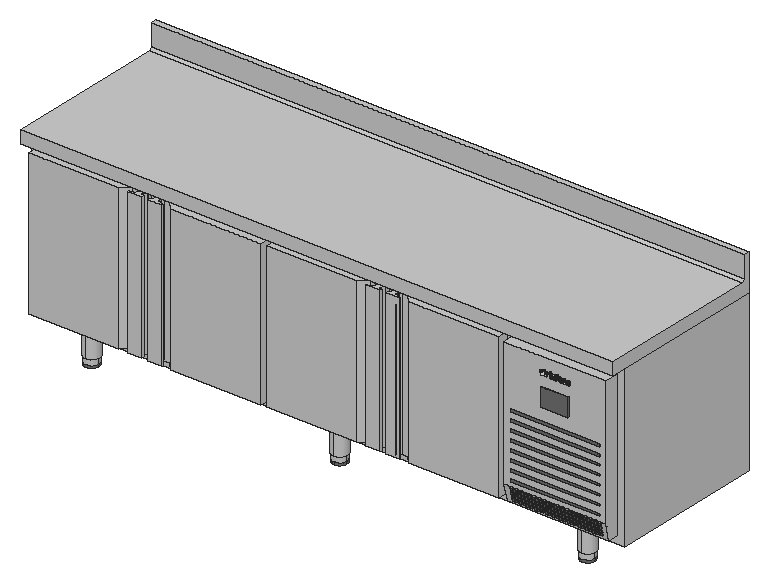
Revit family "QF_INFRICO_BMGN2450II_250808025528", category Specialty Equipment, Revit 2021
Family settings
  Round Connector Dimension = Use Diameter
  Part Type = Normal
  OmniClass Number = 23.40.40.14
  OmniClass Title = Food Service Equipment
  Work Plane-Based = No
  Always vertical = Yes
  Cut with Voids When Loaded = No
  Shared = No
  Room Calculation Point = No
Parameters (values of type "BMGN2450II-R290")
  Weight [instance] = 200.00 kg
  Waste Water Discharge Temperature [instance] = 0 °C
  Waste Remarks [instance] = ""
  Warranty Start Date [instance] = ""
  Warranty Duration [instance] = ""
  Volts [instance] = 230 V
  Volt Free Conn [instance] = no
  URL Recommended Spares List [instance] = ""
  URL Manufacturer [instance] = ""
  URL Cutsheet [instance] = ""
  URL Critical Spares List [instance] = ""
  URL = "www.infrico.com"
  Technical Documentation [instance] = ""
  Tag Number [instance] = ""
  Status [instance] = ""
  Start Up Current [instance] = 0 A
  Specification by User [instance] = ""
  Specification by Manufacturer [instance] = ""
  Sound Level [instance] = ""
  Show Logo [instance] = yes
  Show Clearances [instance] = yes
  Service Life Duration [instance] = ""
  Serial Number [instance] = ""
  Seismic Rating [instance] = ""
  SMACNA No [instance] = ""
  Revision Code [instance] = ""
  Revision [instance] = ""
  Production Year [instance] = ""
  Potential Equalisation [instance] = no
  Point Load [instance] = 0
  Plumbing Connection Type [instance] = ""
  Phase [instance] = 1
  Other Equipment Approvals [instance] = ""
  Operational Current [instance] = 0 A
  Number of Poles [instance] = 2
  No Load Power Draw [instance] = no
  NAFEM Spec ID Number [instance] = ""
  Model Warning [instance] = ""
  Model = "BMGN2450II"
  Min Ckt Ampacity [instance] = 0 A
  Max Overcurrent Protection [instance] = 0 A
  Masterspec [instance] = ""
  Manufacturer = "INFRICO"
  Main switch integrated [instance] = no
  Length Actual [instance] = 2452 mm
  Item Number [instance] = ""
  Installed By [instance] = ""
  Installation Date [instance] = ""
  Indirect Waste Size [instance] = 19.05 mm
  Indirect Waste Remarks [instance] = ""
  Indirect Waste Flow [instance] = 0.0 L/s
  Indirect Waste Connection Type [instance] = ""
  Indirect Waste Connection Height [instance] = 0 mm
  Identify Quantity as Lot [instance] = no
  ID [instance] = ""
  Hygiene Approval [instance] = ""
  Height Actual [instance] = 850 mm
  HP power [instance] = ""
  Furnished By [instance] = ""
  Foodservice Equipment Identifier [instance] = no
  FL Amps [instance] = 0 A
  Electrical Remarks [instance] = ""
  Electric power [instance] = 370 W
  Electric Connection Type [instance] = ""
  Elec Conn RI Height [instance] = 0 mm
  Elec Conn Connection Height [instance] = 0 mm
  ETL Approved [instance] = no
  Direct Waste Water Discharge Temperature [instance] = -273.15 °C
  Direct Waste Size [instance] = 19.05 mm
  Direct Waste RI Height [instance] = 0 mm
  Direct Waste Flow [instance] = 0.0 L/s
  Direct Waste Connection Height [instance] = 0 mm
  Description = "GN1/1 UNDERCOUNTER REFRIGERATOR 700 SERIES - R290 "
  Depth Actual [instance] = 700 mm
  Default Elevation = 0 mm
  Cycle [instance] = 50 Hz
  Cost = 0
  Connection to energy optimisation system [instance] = yes
  Conn Plug [instance] = ""
  Conn Conduit [instance] = no
  Centralized building control system with digital interface [instance] = ""
  CSI MasterFormat [instance] = ""
  CE Approved [instance] = no
  Barcode [instance] = 0
  Author [instance] = ""
  Asset Identifier [instance] = ""
  Apparent Power [instance] = 370 VA
  Accessory [instance] = no
Reference planes
  plane 1 "Center (Front/Back)": y = 0
  plane 2: z = 0
  plane 3 "Center (Left/Right)": x = 0
Forms (mm)
  Extrusion 1, solid, not visible
    sketch origin (1033.05, -112.005, 142.007) x (1, 0, 0) y (0, 1, 0)
      loop
        line (-2, 2) -> (-2, -2) -> (2, -2) -> (2, 2) -> (-2, 2)
    from -2 to 2
  Extrusion 2, solid, not visible
    sketch origin (2390.617, -61.503, 142.007) x (1, 0, 0) y (0, 1, 0)
      loop
        line (-2, 2) -> (-2, -2) -> (2, -2) -> (2, 2) -> (-2, 2)
    from -2 to 2
Dimensions and locks
  locked: nested 2 to Extrusion 1 at 2  (x2)
  locked: nested 3 to Extrusion 2 at 2  (x2)
  aligned and locked: level to plane 2
Nested families
  nested 1: "QF_INFRICO_BMGN2450_2920" at (0, 0, 140), type "BMGN2450II-R290"
    with Weight 200.00 kg, Warranty Start Date "", Warranty Duration "", URL Cutsheet "", Technical Documentation "", Tag Number "", Status "", Specification by User "", Specification by Manufacturer "", Sound Level "", Solid Fuel Type "", Show Logo yes, Show Clearances yes, Show Clearance yes, Service Life Duration "", Serial Number "", Seismic Rating "", SMACNA No "", Revision Code "", Revision "", Production Year "", Point Load 0, Other Equipment Approvals "", NAFEM Spec ID Number "", Model Warning "", Masterspec "", Length Actual 2452 mm, Item Number "", Installed By "", Installation Date "", Identify Quantity as Lot yes, ID "", Hygiene Approval "", Height Actual 850 mm, Furnished By "", Foodservice Equipment Identifier yes, ETL Approved yes, Depth Actual 700 mm, CSI MasterFormat "", CE Approved no, Barcode "", Author "", Asset Identifier "", Accessory no
  nested 2: "CONN_POINT_DRAIN_2D___Generic_Annotation" at (1033.05, -112.005, 140.007), type "CONN_POINT_DRAIN_2D___Generic_Annotation"
    with Onboard connection annotation symbol visibility yes
  nested 3: "CONN_POINT_ELE_2D___Generic_Annotation" at (2390.617, -61.503, 140.007), type "CONN_POINT_ELE_2D___Generic_Annotation"
    with Onboard connection annotation symbol visibility yes
  nested 4: "QF_INFRICO_BMGN_DOOR_SX_4860" at (22, -638, 168), type "BMGN_DOOR_SX"
    with Weight 0.00 kg, Warranty Start Date "", Warranty Duration "", URL Cutsheet "", Technical Documentation "", Tag Number "", Status "", Specification by User "", Specification by Manufacturer "", Sound Level "", Solid Fuel Type "", Show Logo yes, Show Clearances yes, Show Clearance yes, Service Life Duration "", Serial Number "", Seismic Rating "", SMACNA No "", Revision Code "", Revision "", Production Year "", Point Load 0, Other Equipment Approvals "", NAFEM Spec ID Number "", Model Warning "", Masterspec "", Length Actual 467 mm, Item Number "", Installed By "", Installation Date "", Identify Quantity as Lot yes, ID "", Hygiene Approval "", Height Actual 597 mm, Furnished By "", Foodservice Equipment Identifier yes, ETL Approved yes, Depth Actual 54 mm, CSI MasterFormat "", CE Approved no, Barcode "", Author "", Asset Identifier "", Accessory yes
  nested 5: "QF_INFRICO_BMGN_DOOR_DX_5641" at (514, -638, 168), type "BMGN_DOOR_DX"
    with Weight 0.00 kg, Warranty Start Date "", Warranty Duration "", URL Cutsheet "", Technical Documentation "", Tag Number "", Status "", Specification by User "", Specification by Manufacturer "", Sound Level "", Solid Fuel Type "", Show Logo yes, Show Clearances yes, Show Clearance yes, Service Life Duration "", Serial Number "", Seismic Rating "", SMACNA No "", Revision Code "", Revision "", Production Year "", Point Load 0, Other Equipment Approvals "", NAFEM Spec ID Number "", Model Warning "", Masterspec "", Length Actual 467 mm, Item Number "", Installed By "", Installation Date "", Identify Quantity as Lot yes, ID "", Hygiene Approval "", Height Actual 597 mm, Furnished By "", Foodservice Equipment Identifier yes, ETL Approved yes, Depth Actual 54 mm, CSI MasterFormat "", CE Approved no, Barcode "", Author "", Asset Identifier "", Accessory yes
  nested 6: "QF_INFRICO_BMGN_DOOR_SX_6418" at (1006, -638, 168), type "BMGN_DOOR_SX"
    with Weight 0.00 kg, Warranty Start Date "", Warranty Duration "", URL Cutsheet "", Technical Documentation "", Tag Number "", Status "", Specification by User "", Specification by Manufacturer "", Sound Level "", Solid Fuel Type "", Show Logo yes, Show Clearances yes, Show Clearance yes, Service Life Duration "", Serial Number "", Seismic Rating "", SMACNA No "", Revision Code "", Revision "", Production Year "", Point Load 0, Other Equipment Approvals "", NAFEM Spec ID Number "", Model Warning "", Masterspec "", Length Actual 467 mm, Item Number "", Installed By "", Installation Date "", Identify Quantity as Lot yes, ID "", Hygiene Approval "", Height Actual 597 mm, Furnished By "", Foodservice Equipment Identifier yes, ETL Approved yes, Depth Actual 54 mm, CSI MasterFormat "", CE Approved no, Barcode "", Author "", Asset Identifier "", Accessory yes
  nested 7: "QF_INFRICO_BMGN_DOOR_DX_7195" at (1498, -638, 168), type "BMGN_DOOR_DX"
    with Weight 0.00 kg, Warranty Start Date "", Warranty Duration "", URL Cutsheet "", Technical Documentation "", Tag Number "", Status "", Specification by User "", Specification by Manufacturer "", Sound Level "", Solid Fuel Type "", Show Logo yes, Show Clearances yes, Show Clearance yes, Service Life Duration "", Serial Number "", Seismic Rating "", SMACNA No "", Revision Code "", Revision "", Production Year "", Point Load 0, Other Equipment Approvals "", NAFEM Spec ID Number "", Model Warning "", Masterspec "", Length Actual 467 mm, Item Number "", Installed By "", Installation Date "", Identify Quantity as Lot yes, ID "", Hygiene Approval "", Height Actual 597 mm, Furnished By "", Foodservice Equipment Identifier yes, ETL Approved yes, Depth Actual 54 mm, CSI MasterFormat "", CE Approved no, Barcode "", Author "", Asset Identifier "", Accessory yes
  nested 8: "QF_INFRICO_WORKTOP_BACKSPLASH_7972" at (0, 0, 800), type "ENC12CPGN24"
    with Weight 0.00 kg, Warranty Start Date "", Warranty Duration "", URL Cutsheet "", Technical Documentation "", Tag Number "", Status "", Specification by User "", Specification by Manufacturer "", Sound Level "", Solid Fuel Type "", Show Logo yes, Show Clearances yes, Show Clearance yes, Service Life Duration "", Serial Number "", Seismic Rating "", SMACNA No "", Revision Code "", Revision "", Production Year "", Point Load 0, Other Equipment Approvals "", NAFEM Spec ID Number "", Model Warning "", Masterspec "", Length Actual 2452 mm, Item Number "", Installed By "", Installation Date "", Identify Quantity as Lot yes, ID "", Hygiene Approval "", Height Actual 150 mm, Furnished By "", Foodservice Equipment Identifier yes, ETL Approved yes, Depth Actual 700 mm, CSI MasterFormat "", CE Approved no, Barcode "", Author "", Asset Identifier "", Accessory yes
  nested 9: "QF_INFRICO_LEGS_8808" at (0, 0, 0), type "LEGS_2450_700"
    with Weight 0.00 kg, Warranty Start Date "", Warranty Duration "", URL Cutsheet "", Technical Documentation "", Tag Number "", Status "", Specification by User "", Specification by Manufacturer "", Sound Level "", Solid Fuel Type "", Show Logo yes, Show Clearances yes, Show Clearance yes, Service Life Duration "", Serial Number "", Seismic Rating "", SMACNA No "", Revision Code "", Revision "", Production Year "", Point Load 0, Other Equipment Approvals "", NAFEM Spec ID Number "", Model Warning "", Masterspec "", Length Actual 2452 mm, Item Number "", Installed By "", Installation Date "", Identify Quantity as Lot yes, ID "", Hygiene Approval "", Height Actual 140 mm, Furnished By "", Foodservice Equipment Identifier yes, ETL Approved yes, Depth Actual 700 mm, CSI MasterFormat "", CE Approved no, Barcode "", Author "", Asset Identifier "", Accessory yes
Connectors
  piping at (1033.05, -112.005, 140.007), diameter 19.05, driven by "Indirect Waste Size", driven by "Direct Waste Flow"
    settings: on Extrusion 1, index 1, connector inside diameter 609.6 mm, connector length 0 mm, flow factor 0, pipe flow 0.0 L/s, pressure drop 0.0 Pa, fitting loss kfactor 0, connector angle 0.00°, fixture units 0, engagement length 0 mm, angle of deflection 0.00°, flow configuration 1, flow direction 2, fitting loss method 0, system type 16, joint type 0, gender type 0, connector reference index -1, connector utility 0, adjustable connector no, is connector primary yes, connector description "Waste connection for BMGN2450II"
  electrical at (2390.617, -61.503, 140.007), driven by "Apparent Power", driven by "Number of Poles", driven by "Volts"
    settings: on Extrusion 2, index 2, voltage 230 V, apparent load 0 VA, apparent load phase1 370 VA, apparent load phase2 0 VA, apparent load phase3 0 VA, power factor 1, load classification "Other", number of poles 2, system type 31, power factor state 1, is connector primary yes, connector utility no, sub classification motor no, connector description "Electrical connection for BMGN2450II"
Definition of nested family "QF_INFRICO_BMGN2450_2920"
  Parameters (values of type "BMGN2450CR-R290")
    Weight [instance] = 0.00 kg
    Warranty Start Date [instance] = ""
    Warranty Duration [instance] = ""
    URL Cutsheet [instance] = ""
    URL = "www.infrico.com"
    Technical Documentation [instance] = ""
    Tag Number [instance] = ""
    Status [instance] = ""
    Specification by User [instance] = ""
    Specification by Manufacturer [instance] = ""
    Sound Level [instance] = ""
    Solid Fuel Type [instance] = ""
    Show Logo [instance] = yes
    Show Clearances [instance] = yes
    Show Clearance [instance] = yes
    Service Life Duration [instance] = ""
    Serial Number [instance] = ""
    Seismic Rating [instance] = ""
    SMACNA No [instance] = ""
    Revision Code [instance] = ""
    Revision [instance] = ""
    Production Year [instance] = ""
    Point Load [instance] = 0
    Other Equipment Approvals [instance] = ""
    NAFEM Spec ID Number [instance] = ""
    Model Warning [instance] = ""
    Model = "BMGN2450CR"
    Masterspec [instance] = ""
    Manufacturer = "INFRICO"
    Length Actual [instance] = 0 mm
    Item Number [instance] = ""
    Installed By [instance] = ""
    Installation Date [instance] = ""
    Identify Quantity as Lot [instance] = yes
    ID [instance] = ""
    Hygiene Approval [instance] = ""
    Height Actual [instance] = 0 mm
    Furnished By [instance] = ""
    Foodservice Equipment Identifier [instance] = yes
    ETL Approved [instance] = yes
    Description = "GN1/1 GLASS DOOR UNDERCOUNTER REFRIGERATOR 700 SERIES - R290"
    Depth Actual [instance] = 0 mm
    Default Elevation = 0 mm
    CSI MasterFormat [instance] = ""
    CE Approved [instance] = yes
    Barcode [instance] = ""
    Author [instance] = ""
    Asset Identifier [instance] = ""
    Assembly Code = "E1090320"
    Accessory [instance] = yes
  Types (7, lengths in mm): name | Model | Description
    BMGN2450II | "BMGN2450II" | "GN1/1 UNDERCOUNTER REFRIGERATOR 700 SERIES - R134A"
    BMGN2450BT | "BMGN2450BT" | "UNDERCOUNTER FREEZER SERIE 700 - R290"
    BMGN2450F | "BMGN2450F" | "GN1/1 SINK UNDERCOUNTER REFRIGERATOR 700 SERIES - R134A"
    BMGN2450CR | "BMGN2450CR" | "GN1/1 GLASS DOOR UNDERCOUNTER REFRIGERATOR 700 SERIES - R134A"
    BMGN2450II-R290 | "BMGN2450II" | "GN1/1 UNDERCOUNTER REFRIGERATOR 700 SERIES - R290"
    BMGN2450CR-R290 | "BMGN2450CR" | "GN1/1 GLASS DOOR UNDERCOUNTER REFRIGERATOR 700 SERIES - R290"
    BMGN2450F-R290 | "BMGN2450F" | "GN1/1 SINK UNDERCOUNTER REFRIGERATOR 700 SERIES - R290"
  Reference planes
    plane 1 "Back": y = 0
    plane 2: z = 0
    plane 3 "Left": x = 0
    plane 4 "Right": x = 2452
    plane 5 "Front": y = -700
    plane 6 "Top": z = 660
  Forms (mm)
    Extrusion 1, solid
      sketch origin (984, 0, -140) x (0, 1, 0) y (0, 0, 1)
        loop
          line (-638.02, 765.292) -> (-695.03, 765.292) -> (-695.03, 238.436) -> (-678.769, 168) -> (-638.02, 168) -> (-638.02, 765.292)
      from 1013.993 to 1433.993
    Extrusion 2, void
      sketch origin (0, 0, -140) x (1, 0, 0) y (0, 0, 1)
        loop
          line (60, 200) -> (1900, 200) -> (1900, 740) -> (60, 740) -> (60, 200)
      from 60 to 638.02
    Extrusion 3, solid
      sketch origin (-1016, -693.13, -140) x (1, 0, 0) y (0, 0, 1)
        loop
          line (3408.016, 523.949) -> (3040.73, 523.949) -> (3040.73, 514.949) -> (3408.016, 514.949) -> (3408.016, 523.949)
        loop
          line (3408.016, 486.949) -> (3040.73, 486.949) -> (3040.73, 477.949) -> (3408.016, 477.949) -> (3408.016, 486.949)
        loop
          line (3408.016, 449.949) -> (3040.73, 449.949) -> (3040.73, 440.949) -> (3408.016, 440.949) -> (3408.016, 449.949)
        loop
          line (3408.016, 412.949) -> (3040.73, 412.949) -> (3040.73, 403.949) -> (3408.016, 403.949) -> (3408.016, 412.949)
        loop
          line (3408.016, 375.949) -> (3040.73, 375.949) -> (3040.73, 366.949) -> (3408.016, 366.949) -> (3408.016, 375.949)
        loop
          line (3408.016, 338.949) -> (3040.73, 338.949) -> (3040.73, 329.949) -> (3408.016, 329.949) -> (3408.016, 338.949)
        loop
          line (3408.016, 301.949) -> (3040.73, 301.949) -> (3040.73, 292.949) -> (3408.016, 292.949) -> (3408.016, 301.949)
        loop
          line (3408.016, 264.949) -> (3040.73, 264.949) -> (3040.73, 255.949) -> (3408.016, 255.949) -> (3408.016, 264.949)
      from 0 to 2
    Extrusion 4, solid
      sketch origin (-1016, -639.263, -134.673) x (1, 0, 0) y (0, -0.224951, 0.97437)
        loop
          line (3036.73, 215.974) -> (3036.73, 205.974) -> (3046.73, 205.974) -> (3046.73, 215.974) -> (3036.73, 215.974)
        loop
          line (3036.73, 230.769) -> (3036.73, 220.769) -> (3046.73, 220.769) -> (3046.73, 230.769) -> (3036.73, 230.769)
        loop
          line (3036.73, 186.385) -> (3036.73, 176.385) -> (3046.73, 176.385) -> (3046.73, 186.385) -> (3036.73, 186.385)
        loop
          line (3036.73, 201.179) -> (3036.73, 191.179) -> (3046.73, 191.179) -> (3046.73, 201.179) -> (3036.73, 201.179)
        loop
          line (3051.938, 215.974) -> (3051.938, 205.974) -> (3061.938, 205.974) -> (3061.938, 215.974) -> (3051.938, 215.974)
        loop
          line (3051.938, 230.769) -> (3051.938, 220.769) -> (3061.938, 220.769) -> (3061.938, 230.769) -> (3051.938, 230.769)
        loop
          line (3051.938, 186.385) -> (3051.938, 176.385) -> (3061.938, 176.385) -> (3061.938, 186.385) -> (3051.938, 186.385)
        loop
          line (3051.938, 201.179) -> (3051.938, 191.179) -> (3061.938, 191.179) -> (3061.938, 201.179) -> (3051.938, 201.179)
        loop
          line (3067.147, 215.974) -> (3067.147, 205.974) -> (3077.147, 205.974) -> (3077.147, 215.974) -> (3067.147, 215.974)
        loop
          line (3067.147, 230.769) -> (3067.147, 220.769) -> (3077.147, 220.769) -> (3077.147, 230.769) -> (3067.147, 230.769)
        loop
          line (3067.147, 186.385) -> (3067.147, 176.385) -> (3077.147, 176.385) -> (3077.147, 186.385) -> (3067.147, 186.385)
        loop
          line (3067.147, 201.179) -> (3067.147, 191.179) -> (3077.147, 191.179) -> (3077.147, 201.179) -> (3067.147, 201.179)
        loop
          line (3082.355, 215.974) -> (3082.355, 205.974) -> (3092.355, 205.974) -> (3092.355, 215.974) -> (3082.355, 215.974)
        loop
          line (3082.355, 230.769) -> (3082.355, 220.769) -> (3092.355, 220.769) -> (3092.355, 230.769) -> (3082.355, 230.769)
        loop
          line (3082.355, 186.385) -> (3082.355, 176.385) -> (3092.355, 176.385) -> (3092.355, 186.385) -> (3082.355, 186.385)
        loop
          line (3082.355, 201.179) -> (3082.355, 191.179) -> (3092.355, 191.179) -> (3092.355, 201.179) -> (3082.355, 201.179)
        loop
          line (3097.563, 215.974) -> (3097.563, 205.974) -> (3107.563, 205.974) -> (3107.563, 215.974) -> (3097.563, 215.974)
        loop
          line (3097.563, 230.769) -> (3097.563, 220.769) -> (3107.563, 220.769) -> (3107.563, 230.769) -> (3097.563, 230.769)
        loop
          line (3097.563, 186.385) -> (3097.563, 176.385) -> (3107.563, 176.385) -> (3107.563, 186.385) -> (3097.563, 186.385)
        loop
          line (3097.563, 201.179) -> (3097.563, 191.179) -> (3107.563, 191.179) -> (3107.563, 201.179) -> (3097.563, 201.179)
        loop
          line (3112.772, 215.974) -> (3112.772, 205.974) -> (3122.772, 205.974) -> (3122.772, 215.974) -> (3112.772, 215.974)
        loop
          line (3112.772, 230.769) -> (3112.772, 220.769) -> (3122.772, 220.769) -> (3122.772, 230.769) -> (3112.772, 230.769)
        loop
          line (3112.772, 186.385) -> (3112.772, 176.385) -> (3122.772, 176.385) -> (3122.772, 186.385) -> (3112.772, 186.385)
        loop
          line (3112.772, 201.179) -> (3112.772, 191.179) -> (3122.772, 191.179) -> (3122.772, 201.179) -> (3112.772, 201.179)
        loop
          line (3127.98, 215.974) -> (3127.98, 205.974) -> (3137.98, 205.974) -> (3137.98, 215.974) -> (3127.98, 215.974)
        loop
          line (3127.98, 230.769) -> (3127.98, 220.769) -> (3137.98, 220.769) -> (3137.98, 230.769) -> (3127.98, 230.769)
        loop
          line (3127.98, 186.385) -> (3127.98, 176.385) -> (3137.98, 176.385) -> (3137.98, 186.385) -> (3127.98, 186.385)
        loop
          line (3127.98, 201.179) -> (3127.98, 191.179) -> (3137.98, 191.179) -> (3137.98, 201.179) -> (3127.98, 201.179)
        loop
          line (3143.188, 215.974) -> (3143.188, 205.974) -> (3153.188, 205.974) -> (3153.188, 215.974) -> (3143.188, 215.974)
        loop
          line (3143.188, 230.769) -> (3143.188, 220.769) -> (3153.188, 220.769) -> (3153.188, 230.769) -> (3143.188, 230.769)
        loop
          line (3143.188, 186.385) -> (3143.188, 176.385) -> (3153.188, 176.385) -> (3153.188, 186.385) -> (3143.188, 186.385)
        loop
          line (3143.188, 201.179) -> (3143.188, 191.179) -> (3153.188, 191.179) -> (3153.188, 201.179) -> (3143.188, 201.179)
        loop
          line (3158.397, 215.974) -> (3158.397, 205.974) -> (3168.397, 205.974) -> (3168.397, 215.974) -> (3158.397, 215.974)
        loop
          line (3158.397, 230.769) -> (3158.397, 220.769) -> (3168.397, 220.769) -> (3168.397, 230.769) -> (3158.397, 230.769)
        loop
          line (3158.397, 186.385) -> (3158.397, 176.385) -> (3168.397, 176.385) -> (3168.397, 186.385) -> (3158.397, 186.385)
        loop
          line (3158.397, 201.179) -> (3158.397, 191.179) -> (3168.397, 191.179) -> (3168.397, 201.179) -> (3158.397, 201.179)
        loop
          line (3173.605, 215.974) -> (3173.605, 205.974) -> (3183.605, 205.974) -> (3183.605, 215.974) -> (3173.605, 215.974)
        loop
          line (3173.605, 230.769) -> (3173.605, 220.769) -> (3183.605, 220.769) -> (3183.605, 230.769) -> (3173.605, 230.769)
        loop
          line (3173.605, 186.385) -> (3173.605, 176.385) -> (3183.605, 176.385) -> (3183.605, 186.385) -> (3173.605, 186.385)
        loop
          line (3173.605, 201.179) -> (3173.605, 191.179) -> (3183.605, 191.179) -> (3183.605, 201.179) -> (3173.605, 201.179)
        loop
          line (3188.813, 215.974) -> (3188.813, 205.974) -> (3198.813, 205.974) -> (3198.813, 215.974) -> (3188.813, 215.974)
        loop
          line (3188.813, 230.769) -> (3188.813, 220.769) -> (3198.813, 220.769) -> (3198.813, 230.769) -> (3188.813, 230.769)
        loop
          line (3188.813, 186.385) -> (3188.813, 176.385) -> (3198.813, 176.385) -> (3198.813, 186.385) -> (3188.813, 186.385)
        loop
          line (3188.813, 201.179) -> (3188.813, 191.179) -> (3198.813, 191.179) -> (3198.813, 201.179) -> (3188.813, 201.179)
        loop
          line (3204.022, 215.974) -> (3204.022, 205.974) -> (3214.022, 205.974) -> (3214.022, 215.974) -> (3204.022, 215.974)
        loop
          line (3204.022, 230.769) -> (3204.022, 220.769) -> (3214.022, 220.769) -> (3214.022, 230.769) -> (3204.022, 230.769)
        loop
          line (3204.022, 186.385) -> (3204.022, 176.385) -> (3214.022, 176.385) -> (3214.022, 186.385) -> (3204.022, 186.385)
        loop
          line (3204.022, 201.179) -> (3204.022, 191.179) -> (3214.022, 191.179) -> (3214.022, 201.179) -> (3204.022, 201.179)
        loop
          line (3219.23, 215.974) -> (3219.23, 205.974) -> (3229.23, 205.974) -> (3229.23, 215.974) -> (3219.23, 215.974)
        loop
          line (3219.23, 230.769) -> (3219.23, 220.769) -> (3229.23, 220.769) -> (3229.23, 230.769) -> (3219.23, 230.769)
        loop
          line (3219.23, 186.385) -> (3219.23, 176.385) -> (3229.23, 176.385) -> (3229.23, 186.385) -> (3219.23, 186.385)
        loop
          line (3219.23, 201.179) -> (3219.23, 191.179) -> (3229.23, 191.179) -> (3229.23, 201.179) -> (3219.23, 201.179)
        loop
          line (3234.438, 215.974) -> (3234.438, 205.974) -> (3244.438, 205.974) -> (3244.438, 215.974) -> (3234.438, 215.974)
        loop
          line (3234.438, 230.769) -> (3234.438, 220.769) -> (3244.438, 220.769) -> (3244.438, 230.769) -> (3234.438, 230.769)
        loop
          line (3234.438, 186.385) -> (3234.438, 176.385) -> (3244.438, 176.385) -> (3244.438, 186.385) -> (3234.438, 186.385)
        loop
          line (3234.438, 201.179) -> (3234.438, 191.179) -> (3244.438, 191.179) -> (3244.438, 201.179) -> (3234.438, 201.179)
        loop
          line (3249.647, 215.974) -> (3249.647, 205.974) -> (3259.647, 205.974) -> (3259.647, 215.974) -> (3249.647, 215.974)
        loop
          line (3249.647, 230.769) -> (3249.647, 220.769) -> (3259.647, 220.769) -> (3259.647, 230.769) -> (3249.647, 230.769)
        loop
          line (3249.647, 186.385) -> (3249.647, 176.385) -> (3259.647, 176.385) -> (3259.647, 186.385) -> (3249.647, 186.385)
        loop
          line (3249.647, 201.179) -> (3249.647, 191.179) -> (3259.647, 191.179) -> (3259.647, 201.179) -> (3249.647, 201.179)
        loop
          line (3264.855, 215.974) -> (3264.855, 205.974) -> (3274.855, 205.974) -> (3274.855, 215.974) -> (3264.855, 215.974)
        loop
          line (3264.855, 230.769) -> (3264.855, 220.769) -> (3274.855, 220.769) -> (3274.855, 230.769) -> (3264.855, 230.769)
        loop
          line (3264.855, 186.385) -> (3264.855, 176.385) -> (3274.855, 176.385) -> (3274.855, 186.385) -> (3264.855, 186.385)
        loop
          line (3264.855, 201.179) -> (3264.855, 191.179) -> (3274.855, 191.179) -> (3274.855, 201.179) -> (3264.855, 201.179)
        loop
          line (3280.063, 215.974) -> (3280.063, 205.974) -> (3290.063, 205.974) -> (3290.063, 215.974) -> (3280.063, 215.974)
        loop
          line (3280.063, 230.769) -> (3280.063, 220.769) -> (3290.063, 220.769) -> (3290.063, 230.769) -> (3280.063, 230.769)
        loop
          line (3280.063, 186.385) -> (3280.063, 176.385) -> (3290.063, 176.385) -> (3290.063, 186.385) -> (3280.063, 186.385)
        loop
          line (3280.063, 201.179) -> (3280.063, 191.179) -> (3290.063, 191.179) -> (3290.063, 201.179) -> (3280.063, 201.179)
        loop
          line (3295.272, 215.974) -> (3295.272, 205.974) -> (3305.272, 205.974) -> (3305.272, 215.974) -> (3295.272, 215.974)
        loop
          line (3295.272, 230.769) -> (3295.272, 220.769) -> (3305.272, 220.769) -> (3305.272, 230.769) -> (3295.272, 230.769)
        loop
          line (3295.272, 186.385) -> (3295.272, 176.385) -> (3305.272, 176.385) -> (3305.272, 186.385) -> (3295.272, 186.385)
        loop
          line (3295.272, 201.179) -> (3295.272, 191.179) -> (3305.272, 191.179) -> (3305.272, 201.179) -> (3295.272, 201.179)
        loop
          line (3310.48, 215.974) -> (3310.48, 205.974) -> (3320.48, 205.974) -> (3320.48, 215.974) -> (3310.48, 215.974)
        loop
          line (3310.48, 230.769) -> (3310.48, 220.769) -> (3320.48, 220.769) -> (3320.48, 230.769) -> (3310.48, 230.769)
        loop
          line (3310.48, 186.385) -> (3310.48, 176.385) -> (3320.48, 176.385) -> (3320.48, 186.385) -> (3310.48, 186.385)
        loop
          line (3310.48, 201.179) -> (3310.48, 191.179) -> (3320.48, 191.179) -> (3320.48, 201.179) -> (3310.48, 201.179)
        loop
          line (3325.688, 215.974) -> (3325.688, 205.974) -> (3335.688, 205.974) -> (3335.688, 215.974) -> (3325.688, 215.974)
        loop
          line (3325.688, 230.769) -> (3325.688, 220.769) -> (3335.688, 220.769) -> (3335.688, 230.769) -> (3325.688, 230.769)
        loop
          line (3325.688, 186.385) -> (3325.688, 176.385) -> (3335.688, 176.385) -> (3335.688, 186.385) -> (3325.688, 186.385)
        loop
          line (3325.688, 201.179) -> (3325.688, 191.179) -> (3335.688, 191.179) -> (3335.688, 201.179) -> (3325.688, 201.179)
        loop
          line (3340.897, 215.974) -> (3340.897, 205.974) -> (3350.897, 205.974) -> (3350.897, 215.974) -> (3340.897, 215.974)
        loop
          line (3340.897, 230.769) -> (3340.897, 220.769) -> (3350.897, 220.769) -> (3350.897, 230.769) -> (3340.897, 230.769)
        loop
          line (3340.897, 186.385) -> (3340.897, 176.385) -> (3350.897, 176.385) -> (3350.897, 186.385) -> (3340.897, 186.385)
        loop
          line (3340.897, 201.179) -> (3340.897, 191.179) -> (3350.897, 191.179) -> (3350.897, 201.179) -> (3340.897, 201.179)
        loop
          line (3356.105, 215.974) -> (3356.105, 205.974) -> (3366.105, 205.974) -> (3366.105, 215.974) -> (3356.105, 215.974)
        loop
          line (3356.105, 230.769) -> (3356.105, 220.769) -> (3366.105, 220.769) -> (3366.105, 230.769) -> (3356.105, 230.769)
        loop
          line (3356.105, 186.385) -> (3356.105, 176.385) -> (3366.105, 176.385) -> (3366.105, 186.385) -> (3356.105, 186.385)
        loop
          line (3356.105, 201.179) -> (3356.105, 191.179) -> (3366.105, 191.179) -> (3366.105, 201.179) -> (3356.105, 201.179)
        loop
          line (3371.313, 215.974) -> (3371.313, 205.974) -> (3381.313, 205.974) -> (3381.313, 215.974) -> (3371.313, 215.974)
        loop
          line (3371.313, 230.769) -> (3371.313, 220.769) -> (3381.313, 220.769) -> (3381.313, 230.769) -> (3371.313, 230.769)
        loop
          line (3371.313, 186.385) -> (3371.313, 176.385) -> (3381.313, 176.385) -> (3381.313, 186.385) -> (3371.313, 186.385)
        loop
          line (3371.313, 201.179) -> (3371.313, 191.179) -> (3381.313, 191.179) -> (3381.313, 201.179) -> (3371.313, 201.179)
        loop
          line (3386.522, 215.974) -> (3386.522, 205.974) -> (3396.522, 205.974) -> (3396.522, 215.974) -> (3386.522, 215.974)
        loop
          line (3386.522, 230.769) -> (3386.522, 220.769) -> (3396.522, 220.769) -> (3396.522, 230.769) -> (3386.522, 230.769)
        loop
          line (3386.522, 186.385) -> (3386.522, 176.385) -> (3396.522, 176.385) -> (3396.522, 186.385) -> (3386.522, 186.385)
        loop
          line (3386.522, 201.179) -> (3386.522, 191.179) -> (3396.522, 191.179) -> (3396.522, 201.179) -> (3386.522, 201.179)
        loop
          line (3401.73, 215.974) -> (3401.73, 205.974) -> (3411.73, 205.974) -> (3411.73, 215.974) -> (3401.73, 215.974)
        loop
          line (3401.73, 230.769) -> (3401.73, 220.769) -> (3411.73, 220.769) -> (3411.73, 230.769) -> (3401.73, 230.769)
        loop
          line (3401.73, 186.385) -> (3401.73, 176.385) -> (3411.73, 176.385) -> (3411.73, 186.385) -> (3401.73, 186.385)
        loop
          line (3401.73, 201.179) -> (3401.73, 191.179) -> (3411.73, 191.179) -> (3411.73, 201.179) -> (3401.73, 201.179)
      from 0 to 2
    Extrusion 5, solid, visible <- "Show Logo"
      sketch origin (983.014, -693.13, -140) x (1, 0, 0) y (0, 0, 1)
        loop
          line (1208.799, 696.53) -> (1208.799, 719.204) -> (1204.173, 719.204) -> (1204.173, 696.53) -> (1208.799, 696.53)
        loop
          line (1214.779, 713.006) -> (1211.283, 713.006) -> (1211.283, 696.53) -> (1215.772, 696.53) -> (1215.772, 707.832)
          arc (1215.772, 707.832) -> (1217.528, 708.741) -> (1219.417, 709.324) r 11.052
          arc (1219.417, 709.324) -> (1220.929, 708.961) -> (1221.598, 707.557) r 1.806
          line (1221.598, 707.557) -> (1221.598, 696.53) -> (1226.121, 696.53) -> (1226.121, 708.689)
          arc (1226.121, 708.689) -> (1224.637, 712.075) -> (1221.141, 713.281) r 4.607
          arc (1221.141, 713.281) -> (1218.282, 712.674) -> (1215.669, 711.361) r 11.435
          line (1215.669, 711.361) -> (1215.601, 712.184)
          arc (1215.601, 712.184) -> (1215.36, 712.765) -> (1214.779, 713.006) r 0.822
        loop
          line (1238.557, 720.102) -> (1237.306, 720.102)
          arc (1237.306, 720.102) -> (1235.052, 719.926) -> (1232.881, 719.297) r 11.103
          arc (1232.881, 719.297) -> (1230.805, 717.616) -> (1230.024, 715.062) r 4.567
          line (1230.024, 715.062) -> (1230.024, 712.909) -> (1227.351, 712.703) -> (1227.351, 709.374) -> (1230.024, 709.374) -> (1230.024, 696.53) -> (1234.547, 696.53) -> (1234.547, 709.374) -> (1238.249, 709.374) -> (1238.249, 712.938) -> (1234.547, 712.938) -> (1234.547, 714.548)
          arc (1234.547, 714.548) -> (1234.956, 715.705) -> (1236.045, 716.271) r 1.67
          line (1236.045, 716.271) -> (1237.7, 716.399)
          arc (1237.7, 716.399) -> (1238.306, 716.65) -> (1238.557, 717.255) r 0.857
          line (1238.557, 717.255) -> (1238.557, 720.102)
        loop
          line (1239.479, 713.006) -> (1239.479, 696.53) -> (1243.968, 696.53) -> (1243.968, 707.352)
          arc (1243.968, 707.352) -> (1245.873, 708.631) -> (1248.077, 709.268) r 7.435
          line (1248.077, 709.268) -> (1249.241, 709.416)
          arc (1249.241, 709.416) -> (1249.643, 709.758) -> (1249.793, 710.265) r 0.928
          line (1249.793, 710.265) -> (1249.793, 712.458)
          arc (1249.793, 712.458) -> (1249.531, 713.061) -> (1248.912, 713.28) r 0.824
          arc (1248.912, 713.28) -> (1246.197, 712.588) -> (1243.899, 710.984) r 7.833
          line (1243.899, 710.984) -> (1243.726, 713.006) -> (1239.479, 713.006)
        loop
          line (1255.495, 696.53) -> (1255.495, 713.006) -> (1251.006, 713.006) -> (1251.006, 696.53) -> (1255.495, 696.53)
        loop
          arc (1257.421, 701.327) -> (1258.567, 698.188) -> (1261.466, 696.525) r 4.873
          arc (1261.466, 696.525) -> (1264.493, 696.266) -> (1267.521, 696.525) r 17.816
          arc (1267.521, 696.525) -> (1270.575, 699.134) -> (1271.505, 703.041) r 6.481
          line (1271.505, 703.041) -> (1267.187, 703.041) -> (1267.187, 701.67)
          arc (1267.187, 701.67) -> (1266.64, 700.452) -> (1265.442, 699.865) r 1.965
          arc (1265.442, 699.865) -> (1264.547, 699.816) -> (1263.653, 699.865) r 8.196
          arc (1263.653, 699.865) -> (1262.417, 700.415) -> (1261.91, 701.67) r 1.806
          line (1261.91, 701.67) -> (1261.91, 707.9)
          arc (1261.91, 707.9) -> (1262.417, 709.155) -> (1263.653, 709.705) r 1.806
          arc (1263.653, 709.705) -> (1264.547, 709.754) -> (1265.442, 709.705) r 8.196
          arc (1265.442, 709.705) -> (1266.64, 709.118) -> (1267.187, 707.9) r 1.965
          line (1267.187, 707.9) -> (1267.187, 706.838) -> (1271.505, 706.838)
          arc (1271.505, 706.838) -> (1270.524, 710.556) -> (1267.521, 712.959) r 6.132
          arc (1267.521, 712.959) -> (1264.493, 713.294) -> (1261.466, 712.959) r 13.851
          arc (1261.466, 712.959) -> (1258.571, 711.349) -> (1257.421, 708.243) r 4.772
          line (1257.421, 708.243) -> (1257.421, 701.327)
        loop
          arc (1272.916, 701.329) -> (1273.993, 698.345) -> (1276.726, 696.734) r 4.676
          arc (1276.726, 696.734) -> (1278.515, 696.455) -> (1280.318, 696.291) r 28.371
          arc (1280.318, 696.291) -> (1282.122, 696.455) -> (1283.911, 696.734) r 28.371
          arc (1283.911, 696.734) -> (1286.644, 698.345) -> (1287.72, 701.329) r 4.676
          line (1287.72, 701.329) -> (1287.72, 708.242)
          arc (1287.72, 708.242) -> (1286.644, 711.226) -> (1283.911, 712.837) r 4.676
          arc (1283.911, 712.837) -> (1282.122, 713.116) -> (1280.318, 713.28) r 28.371
          arc (1280.318, 713.28) -> (1278.515, 713.116) -> (1276.726, 712.837) r 28.371
          arc (1276.726, 712.837) -> (1273.993, 711.226) -> (1272.916, 708.242) r 4.676
          line (1272.916, 708.242) -> (1272.916, 701.329)
        loop
          line (1277.405, 707.866) -> (1277.405, 701.705)
          arc (1277.405, 701.705) -> (1277.844, 700.556) -> (1278.936, 699.991) r 1.725
          arc (1278.936, 699.991) -> (1279.627, 699.918) -> (1280.318, 699.856) r 46.133
          arc (1280.318, 699.856) -> (1281.01, 699.918) -> (1281.701, 699.991) r 46.133
          arc (1281.701, 699.991) -> (1282.793, 700.556) -> (1283.231, 701.705) r 1.725
          line (1283.231, 701.705) -> (1283.231, 707.866)
          arc (1283.231, 707.866) -> (1282.793, 709.015) -> (1281.701, 709.58) r 1.725
          arc (1281.701, 709.58) -> (1281.01, 709.653) -> (1280.318, 709.716) r 46.133
          arc (1280.318, 709.716) -> (1279.627, 709.653) -> (1278.936, 709.58) r 46.133
          arc (1278.936, 709.58) -> (1277.844, 709.015) -> (1277.405, 707.866) r 1.725
        loop
          arc (1190.339, 696.543) -> (1191.411, 696.987) -> (1191.856, 698.059) r 1.516
          line (1191.856, 698.059) -> (1191.856, 703.891) -> (1196.035, 703.891)
          arc (1196.035, 703.891) -> (1196.79, 704.121) -> (1197.218, 704.782) r 1.147
          line (1197.218, 704.782) -> (1197.218, 706.211)
          arc (1197.218, 706.211) -> (1196.787, 707.258) -> (1195.719, 707.634) r 1.385
          line (1195.719, 707.634) -> (1194.52, 707.634) -> (1197.218, 710.332)
          arc (1197.218, 710.332) -> (1197.605, 711.266) -> (1197.218, 712.2) r 1.321
          line (1197.218, 712.2) -> (1196.495, 712.923)
          arc (1196.495, 712.923) -> (1195.54, 713.338) -> (1194.558, 712.991) r 1.422
          line (1194.558, 712.991) -> (1191.853, 710.286) -> (1191.853, 711.479)
          arc (1191.853, 711.479) -> (1191.443, 712.516) -> (1190.435, 712.992) r 1.516
          line (1190.435, 712.992) -> (1189.514, 712.992)
          arc (1189.514, 712.992) -> (1188.511, 712.514) -> (1188.103, 711.479) r 1.516
          line (1188.103, 711.479) -> (1188.103, 706.83) -> (1182.073, 701.336) -> (1182.073, 707.509) -> (1185.639, 711.075)
          arc (1185.639, 711.075) -> (1186.053, 712.073) -> (1185.639, 713.071) r 1.412
          line (1185.639, 713.071) -> (1184.987, 713.723)
          arc (1184.987, 713.723) -> (1183.939, 714.141) -> (1182.915, 713.667) r 1.428
          line (1182.915, 713.667) -> (1182.073, 712.825) -> (1182.073, 717.784)
          arc (1182.073, 717.784) -> (1181.658, 718.787) -> (1180.655, 719.203) r 1.418
          line (1180.655, 719.203) -> (1179.726, 719.203)
          arc (1179.726, 719.203) -> (1178.723, 718.787) -> (1178.308, 717.784) r 1.418
          line (1178.308, 717.784) -> (1178.308, 712.825) -> (1177.466, 713.667)
          arc (1177.466, 713.667) -> (1176.442, 714.141) -> (1175.394, 713.723) r 1.428
          line (1175.394, 713.723) -> (1174.742, 713.071)
          arc (1174.742, 713.071) -> (1174.328, 712.073) -> (1174.742, 711.075) r 1.412
          line (1174.742, 711.075) -> (1178.308, 707.509) -> (1178.308, 701.336) -> (1172.278, 706.83) -> (1172.278, 711.479)
          arc (1172.278, 711.479) -> (1171.87, 712.514) -> (1170.867, 712.992) r 1.516
          line (1170.867, 712.992) -> (1169.946, 712.992)
          arc (1169.946, 712.992) -> (1168.938, 712.516) -> (1168.528, 711.479) r 1.516
          line (1168.528, 711.479) -> (1168.528, 710.286) -> (1165.823, 712.991)
          arc (1165.823, 712.991) -> (1164.841, 713.338) -> (1163.886, 712.923) r 1.422
          line (1163.886, 712.923) -> (1163.163, 712.2)
          arc (1163.163, 712.2) -> (1162.776, 711.266) -> (1163.163, 710.332) r 1.321
          line (1163.163, 710.332) -> (1165.861, 707.634) -> (1164.662, 707.634)
          arc (1164.662, 707.634) -> (1163.594, 707.258) -> (1163.163, 706.211) r 1.385
          line (1163.163, 706.211) -> (1163.163, 704.782)
          arc (1163.163, 704.782) -> (1163.591, 704.121) -> (1164.346, 703.891) r 1.147
          line (1164.346, 703.891) -> (1168.525, 703.891) -> (1168.525, 698.059)
          arc (1168.525, 698.059) -> (1168.969, 696.987) -> (1170.042, 696.543) r 1.516
          line (1170.042, 696.543) -> (1190.339, 696.543)
      from 0 to 2
    Extrusion 6, solid
      sketch origin (983.014, 0, -140) x (1, 0, 0) y (0, 0, 1)
        loop
          line (1169.616, 654.3) -> (1169.616, 577.9) -> (1281.216, 577.9) -> (1281.216, 654.3) -> (1169.616, 654.3)
      from 695.03 to 698.23
    Extrusion 7, solid
      sketch origin (984, 0, 0) x (1, 0, 0) y (0, 1, 0)
        loop
          circle (1406.5, -61.5) r 12.7
      from -5 to 0
    Extrusion 8, solid
      sketch origin (0, 0, 0) x (1, 0, 0) y (0, 1, 0)
        loop
          circle (1033, -112) r 9.525
      from -5 to 0
    Extrusion 9, solid
      sketch origin (0, 0, 0) x (1, 0, 0) y (0, 1, 0)
        loop
          line (0, 0) -> (0, -638.02) -> (2452, -638.02) -> (2452, 0) -> (0, 0)
        loop
          line (60, -60) -> (60, -578.02) -> (2392, -578.02) -> (2392, -60) -> (60, -60)
      from 0 to 660
    Extrusion 10, solid
      sketch origin (0, 0, 0) x (1, 0, 0) y (0, 0, 1)
        loop
          line (60, 0) -> (2392, 0) -> (2392, 60) -> (60, 60) -> (60, 0)
      from 60 to 578.02
    Extrusion 11, solid
      sketch origin (0, 0, 0) x (1, 0, 0) y (0, 1, 0)
        loop
          line (454, -638.02) -> (549, -638.02) -> (549, -628.02) -> (454, -628.02) -> (454, -638.02)
      from 60 to 600
    Extrusion 12, solid
      sketch origin (492, 0, 0) x (1, 0, 0) y (0, 1, 0)
        loop
          line (454, -638.02) -> (549, -638.02) -> (549, -628.02) -> (454, -628.02) -> (454, -638.02)
      from 60 to 600
    Extrusion 13, solid
      sketch origin (984, 0, 0) x (1, 0, 0) y (0, 1, 0)
        loop
          line (454, -638.02) -> (549, -638.02) -> (549, -628.02) -> (454, -628.02) -> (454, -638.02)
      from 60 to 600
  Cuts and joins
    Extrusion 2 cuts Extrusion 9
    joined: Extrusion 9, Extrusion 10
  Lines and regions (mm)
    symbolic lines, visible <- "Show Clearance"
      curve 1: line (2452, 0, 0) -> (0, 0, 0)
      curve 2: line (0, 0, 0) -> (0, -700, 0)
      curve 3: line (0, -700, 0) -> (2452, -700, 0)
      curve 4: line (2452, -700, 0) -> (2452, 0, 0)
  Dimensions and locks
    plane 4 "Right" to plane 3 "Left" = 2452 mm
    plane 6 "Top" to level = 660 mm
    plane 1 "Back" to plane 5 "Front" = 700 mm  (x2)
    plane 3 "Left" to plane 4 "Right" = 2452 mm
    aligned and locked: level to plane 2
  Connectors
    piping at (1033, -112, -5), diameter 19.1
      settings: on Extrusion 8, index 2, connector inside diameter 609.6 mm, connector length 0 mm, flow factor 0, pipe flow 0.0 L/s, pressure drop 0.0 Pa, fitting loss kfactor 0, connector angle 0.00°, fixture units 0, engagement length 0 mm, angle of deflection 0.00°, flow configuration 1, flow direction 2, fitting loss method 0, system type 16, joint type 0, gender type 0, connector reference index -1, connector utility 0, adjustable connector no, is connector primary yes, connector description "Drain connection"
    electrical at (2390.5, -61.5, -5)
      settings: on Extrusion 7, index 3, voltage 0 V, apparent load 0 VA, apparent load phase1 0 VA, apparent load phase2 0 VA, apparent load phase3 0 VA, power factor 1, load classification none, number of poles 1, system type 31, power factor state 1, is connector primary yes, connector utility no, sub classification motor no, connector description "Electrical connection"
Definition of nested family "QF_INFRICO_BMGN_DOOR_SX_4860"
  Parameters (values of type "BMGN_DOOR_SX")
    Weight [instance] = 0.00 kg
    Warranty Start Date [instance] = ""
    Warranty Duration [instance] = ""
    URL Cutsheet [instance] = ""
    URL = "www.infrico.com"
    Technical Documentation [instance] = ""
    Tag Number [instance] = ""
    Status [instance] = ""
    Specification by User [instance] = ""
    Specification by Manufacturer [instance] = ""
    Sound Level [instance] = ""
    Solid Fuel Type [instance] = ""
    Show Logo [instance] = yes
    Show Clearances [instance] = yes
    Show Clearance [instance] = yes
    Service Life Duration [instance] = ""
    Serial Number [instance] = ""
    Seismic Rating [instance] = ""
    SMACNA No [instance] = ""
    Revision Code [instance] = ""
    Revision [instance] = ""
    Production Year [instance] = ""
    Point Load [instance] = 0
    Other Equipment Approvals [instance] = ""
    NAFEM Spec ID Number [instance] = ""
    Model Warning [instance] = ""
    Model = "BMGN_DOOR_SX"
    Masterspec [instance] = ""
    Manufacturer = "INFRICO"
    Length Actual [instance] = 0 mm
    Item Number [instance] = ""
    Installed By [instance] = ""
    Installation Date [instance] = ""
    Identify Quantity as Lot [instance] = yes
    ID [instance] = ""
    Hygiene Approval [instance] = ""
    Height Actual [instance] = 0 mm
    Furnished By [instance] = ""
    Foodservice Equipment Identifier [instance] = yes
    ETL Approved [instance] = yes
    Description = "LEFT DOOR"
    Depth Actual [instance] = 0 mm
    Default Elevation = 0 mm
    CSI MasterFormat [instance] = ""
    CE Approved [instance] = yes
    Barcode [instance] = ""
    Author [instance] = ""
    Asset Identifier [instance] = ""
    Assembly Code = "E1090320"
    Accessory [instance] = yes
  Reference planes
    plane 1 "Back": y = 0
    plane 2: z = 0
    plane 3 "Left": x = 0
    plane 4 "Right": x = 467
    plane 5 "Front": y = -44
    plane 6 "Top": z = 597
  Forms (mm)
    Extrusion 1, solid
      sketch origin (2981.326, 654.02, -168.61) x (-1, 0, 0) y (0, -1, 0)
        loop
          line (2610.426, 698.02) -> (2580.356, 667.95) -> (2557.604, 667.95) -> (2546.663, 670.881)
          arc (2546.663, 670.881) -> (2545.582, 671.631) -> (2545.222, 672.896) r 1.95
          line (2545.222, 672.896) -> (2545.566, 682.741)
          arc (2545.566, 682.741) -> (2545.774, 683.563) -> (2546.304, 684.224) r 2.001
          line (2546.304, 684.224) -> (2571.566, 694.947) -> (2571.566, 698.02) -> (2514.326, 698.02) -> (2514.326, 690.261) -> (2526.525, 683.218) -> (2521.592, 664.81) -> (2514.326, 664.81) -> (2514.326, 654.02) -> (2981.326, 654.02) -> (2981.326, 698.02) -> (2610.426, 698.02)
      from 168.61 to 765.61
    Extrusion 2, solid, visible <- "Show Clearance", detail levels coarse
      sketch origin (0, 0, 0) x (1, 0, 0) y (0, 1, 0)
        loop
          line (0, -44) -> (0, -467) -> (44, -467)
          arc (44, -467) -> (343.106, -343.106) -> (467, -44) r 423
          line (467, -44) -> (0, -44)
      from 0 to 597
  Lines and regions (mm)
    symbolic lines
      curve 1: arc (466.617, -62, 0) -> (336.673, -349.404, 0) -> (44, -467, 0) r 423
      curve 2: line (0, -467, 0) -> (0, -62, 0)
      curve 3: line (44, -467, 0) -> (0, -467, 0)
  Dimensions and locks
    plane 4 "Right" to plane 3 "Left" = 467 mm
    plane 6 "Top" to level = 597 mm  (x2)
    plane 1 "Back" to plane 5 "Front" = 44 mm  (x2)
    plane 3 "Left" to plane 4 "Right" = 467 mm
    aligned and locked: level to plane 2
Definition of nested family "QF_INFRICO_BMGN_DOOR_DX_5641"
  Parameters (values of type "BMGN_DOOR_DX")
    Weight [instance] = 0.00 kg
    Warranty Start Date [instance] = ""
    Warranty Duration [instance] = ""
    URL Cutsheet [instance] = ""
    URL = "www.infrico.com"
    Technical Documentation [instance] = ""
    Tag Number [instance] = ""
    Status [instance] = ""
    Specification by User [instance] = ""
    Specification by Manufacturer [instance] = ""
    Sound Level [instance] = ""
    Solid Fuel Type [instance] = ""
    Show Logo [instance] = yes
    Show Clearances [instance] = yes
    Show Clearance [instance] = yes
    Service Life Duration [instance] = ""
    Serial Number [instance] = ""
    Seismic Rating [instance] = ""
    SMACNA No [instance] = ""
    Revision Code [instance] = ""
    Revision [instance] = ""
    Production Year [instance] = ""
    Point Load [instance] = 0
    Other Equipment Approvals [instance] = ""
    NAFEM Spec ID Number [instance] = ""
    Model Warning [instance] = ""
    Model = "BMGN_DOOR_DX"
    Masterspec [instance] = ""
    Manufacturer = "INFRICO"
    Length Actual [instance] = 0 mm
    Item Number [instance] = ""
    Installed By [instance] = ""
    Installation Date [instance] = ""
    Identify Quantity as Lot [instance] = yes
    ID [instance] = ""
    Hygiene Approval [instance] = ""
    Height Actual [instance] = 0 mm
    Furnished By [instance] = ""
    Foodservice Equipment Identifier [instance] = yes
    ETL Approved [instance] = yes
    Description = "RIGHT DOOR"
    Depth Actual [instance] = 0 mm
    Default Elevation = 0 mm
    CSI MasterFormat [instance] = ""
    CE Approved [instance] = yes
    Barcode [instance] = ""
    Author [instance] = ""
    Asset Identifier [instance] = ""
    Assembly Code = "E1090320"
    Accessory [instance] = yes
  Reference planes
    plane 1 "Back": y = 0
    plane 2: z = 0
    plane 3 "Left": x = 0
    plane 4 "Right": x = 467
    plane 5 "Front": y = -44
    plane 6 "Top": z = 597
  Forms (mm)
    Extrusion 1, solid
      sketch origin (-2514.326, 654.02, -168.61) x (1, 0, 0) y (0, 1, 0)
        loop
          line (2610.426, -698.02) -> (2981.326, -698.02) -> (2981.326, -654.02) -> (2514.326, -654.02) -> (2514.326, -664.81) -> (2521.592, -664.81) -> (2526.525, -683.218) -> (2514.326, -690.261) -> (2514.326, -698.02) -> (2571.566, -698.02) -> (2571.566, -694.947) -> (2546.304, -684.224)
          arc (2546.304, -684.224) -> (2545.774, -683.563) -> (2545.566, -682.741) r 2.001
          line (2545.566, -682.741) -> (2545.222, -672.896)
          arc (2545.222, -672.896) -> (2545.582, -671.631) -> (2546.663, -670.881) r 1.95
          line (2546.663, -670.881) -> (2557.604, -667.95) -> (2580.356, -667.95) -> (2610.426, -698.02)
      from 168.61 to 765.61
    Extrusion 2, solid, visible <- "Show Clearance", detail levels coarse
      sketch origin (467, 0, 0) x (-1, 0, 0) y (0, -1, 0)
        loop
          line (0, 44) -> (467, 44)
          arc (467, 44) -> (343.106, 343.106) -> (44, 467) r 423
          line (44, 467) -> (0, 467) -> (0, 44)
      from 0 to 597
  Lines and regions (mm)
    symbolic lines
      curve 1: arc (0.383, -62, 0) -> (130.327, -349.404, 0) -> (423, -467, 0) r 423
      curve 2: line (467, -467, 0) -> (467, -62, 0)
      curve 3: line (423, -467, 0) -> (467, -467, 0)
  Dimensions and locks
    plane 4 "Right" to plane 3 "Left" = 467 mm
    plane 6 "Top" to level = 597 mm  (x2)
    plane 1 "Back" to plane 5 "Front" = 44 mm  (x2)
    plane 3 "Left" to plane 4 "Right" = 467 mm
    aligned and locked: level to plane 2
Definition of nested family "QF_INFRICO_BMGN_DOOR_SX_6418"
  Parameters (values of type "BMGN_DOOR_SX")
    Weight [instance] = 0.00 kg
    Warranty Start Date [instance] = ""
    Warranty Duration [instance] = ""
    URL Cutsheet [instance] = ""
    URL = "www.infrico.com"
    Technical Documentation [instance] = ""
    Tag Number [instance] = ""
    Status [instance] = ""
    Specification by User [instance] = ""
    Specification by Manufacturer [instance] = ""
    Sound Level [instance] = ""
    Solid Fuel Type [instance] = ""
    Show Logo [instance] = yes
    Show Clearances [instance] = yes
    Show Clearance [instance] = yes
    Service Life Duration [instance] = ""
    Serial Number [instance] = ""
    Seismic Rating [instance] = ""
    SMACNA No [instance] = ""
    Revision Code [instance] = ""
    Revision [instance] = ""
    Production Year [instance] = ""
    Point Load [instance] = 0
    Other Equipment Approvals [instance] = ""
    NAFEM Spec ID Number [instance] = ""
    Model Warning [instance] = ""
    Model = "BMGN_DOOR_SX"
    Masterspec [instance] = ""
    Manufacturer = "INFRICO"
    Length Actual [instance] = 0 mm
    Item Number [instance] = ""
    Installed By [instance] = ""
    Installation Date [instance] = ""
    Identify Quantity as Lot [instance] = yes
    ID [instance] = ""
    Hygiene Approval [instance] = ""
    Height Actual [instance] = 0 mm
    Furnished By [instance] = ""
    Foodservice Equipment Identifier [instance] = yes
    ETL Approved [instance] = yes
    Description = "LEFT DOOR"
    Depth Actual [instance] = 0 mm
    Default Elevation = 0 mm
    CSI MasterFormat [instance] = ""
    CE Approved [instance] = yes
    Barcode [instance] = ""
    Author [instance] = ""
    Asset Identifier [instance] = ""
    Assembly Code = "E1090320"
    Accessory [instance] = yes
  Reference planes
    plane 1 "Back": y = 0
    plane 2: z = 0
    plane 3 "Left": x = 0
    plane 4 "Right": x = 467
    plane 5 "Front": y = -44
    plane 6 "Top": z = 597
  Forms (mm)
    Extrusion 1, solid
      sketch origin (2981.326, 654.02, -168.61) x (-1, 0, 0) y (0, -1, 0)
        loop
          line (2610.426, 698.02) -> (2580.356, 667.95) -> (2557.604, 667.95) -> (2546.663, 670.881)
          arc (2546.663, 670.881) -> (2545.582, 671.631) -> (2545.222, 672.896) r 1.95
          line (2545.222, 672.896) -> (2545.566, 682.741)
          arc (2545.566, 682.741) -> (2545.774, 683.563) -> (2546.304, 684.224) r 2.001
          line (2546.304, 684.224) -> (2571.566, 694.947) -> (2571.566, 698.02) -> (2514.326, 698.02) -> (2514.326, 690.261) -> (2526.525, 683.218) -> (2521.592, 664.81) -> (2514.326, 664.81) -> (2514.326, 654.02) -> (2981.326, 654.02) -> (2981.326, 698.02) -> (2610.426, 698.02)
      from 168.61 to 765.61
    Extrusion 2, solid, visible <- "Show Clearance", detail levels coarse
      sketch origin (0, 0, 0) x (1, 0, 0) y (0, 1, 0)
        loop
          line (0, -44) -> (0, -467) -> (44, -467)
          arc (44, -467) -> (343.106, -343.106) -> (467, -44) r 423
          line (467, -44) -> (0, -44)
      from 0 to 597
  Lines and regions (mm)
    symbolic lines
      curve 1: arc (466.617, -62, 0) -> (336.673, -349.404, 0) -> (44, -467, 0) r 423
      curve 2: line (0, -467, 0) -> (0, -62, 0)
      curve 3: line (44, -467, 0) -> (0, -467, 0)
  Dimensions and locks
    plane 4 "Right" to plane 3 "Left" = 467 mm
    plane 6 "Top" to level = 597 mm  (x2)
    plane 1 "Back" to plane 5 "Front" = 44 mm  (x2)
    plane 3 "Left" to plane 4 "Right" = 467 mm
    aligned and locked: level to plane 2
Definition of nested family "QF_INFRICO_BMGN_DOOR_DX_7195"
  Parameters (values of type "BMGN_DOOR_DX")
    Weight [instance] = 0.00 kg
    Warranty Start Date [instance] = ""
    Warranty Duration [instance] = ""
    URL Cutsheet [instance] = ""
    URL = "www.infrico.com"
    Technical Documentation [instance] = ""
    Tag Number [instance] = ""
    Status [instance] = ""
    Specification by User [instance] = ""
    Specification by Manufacturer [instance] = ""
    Sound Level [instance] = ""
    Solid Fuel Type [instance] = ""
    Show Logo [instance] = yes
    Show Clearances [instance] = yes
    Show Clearance [instance] = yes
    Service Life Duration [instance] = ""
    Serial Number [instance] = ""
    Seismic Rating [instance] = ""
    SMACNA No [instance] = ""
    Revision Code [instance] = ""
    Revision [instance] = ""
    Production Year [instance] = ""
    Point Load [instance] = 0
    Other Equipment Approvals [instance] = ""
    NAFEM Spec ID Number [instance] = ""
    Model Warning [instance] = ""
    Model = "BMGN_DOOR_DX"
    Masterspec [instance] = ""
    Manufacturer = "INFRICO"
    Length Actual [instance] = 0 mm
    Item Number [instance] = ""
    Installed By [instance] = ""
    Installation Date [instance] = ""
    Identify Quantity as Lot [instance] = yes
    ID [instance] = ""
    Hygiene Approval [instance] = ""
    Height Actual [instance] = 0 mm
    Furnished By [instance] = ""
    Foodservice Equipment Identifier [instance] = yes
    ETL Approved [instance] = yes
    Description = "RIGHT DOOR"
    Depth Actual [instance] = 0 mm
    Default Elevation = 0 mm
    CSI MasterFormat [instance] = ""
    CE Approved [instance] = yes
    Barcode [instance] = ""
    Author [instance] = ""
    Asset Identifier [instance] = ""
    Assembly Code = "E1090320"
    Accessory [instance] = yes
  Reference planes
    plane 1 "Back": y = 0
    plane 2: z = 0
    plane 3 "Left": x = 0
    plane 4 "Right": x = 467
    plane 5 "Front": y = -44
    plane 6 "Top": z = 597
  Forms (mm)
    Extrusion 1, solid
      sketch origin (-2514.326, 654.02, -168.61) x (1, 0, 0) y (0, 1, 0)
        loop
          line (2610.426, -698.02) -> (2981.326, -698.02) -> (2981.326, -654.02) -> (2514.326, -654.02) -> (2514.326, -664.81) -> (2521.592, -664.81) -> (2526.525, -683.218) -> (2514.326, -690.261) -> (2514.326, -698.02) -> (2571.566, -698.02) -> (2571.566, -694.947) -> (2546.304, -684.224)
          arc (2546.304, -684.224) -> (2545.774, -683.563) -> (2545.566, -682.741) r 2.001
          line (2545.566, -682.741) -> (2545.222, -672.896)
          arc (2545.222, -672.896) -> (2545.582, -671.631) -> (2546.663, -670.881) r 1.95
          line (2546.663, -670.881) -> (2557.604, -667.95) -> (2580.356, -667.95) -> (2610.426, -698.02)
      from 168.61 to 765.61
    Extrusion 2, solid, visible <- "Show Clearance", detail levels coarse
      sketch origin (467, 0, 0) x (-1, 0, 0) y (0, -1, 0)
        loop
          line (0, 44) -> (467, 44)
          arc (467, 44) -> (343.106, 343.106) -> (44, 467) r 423
          line (44, 467) -> (0, 467) -> (0, 44)
      from 0 to 597
  Lines and regions (mm)
    symbolic lines
      curve 1: arc (0.383, -62, 0) -> (130.327, -349.404, 0) -> (423, -467, 0) r 423
      curve 2: line (467, -467, 0) -> (467, -62, 0)
      curve 3: line (423, -467, 0) -> (467, -467, 0)
  Dimensions and locks
    plane 4 "Right" to plane 3 "Left" = 467 mm
    plane 6 "Top" to level = 597 mm  (x2)
    plane 1 "Back" to plane 5 "Front" = 44 mm  (x2)
    plane 3 "Left" to plane 4 "Right" = 467 mm
    aligned and locked: level to plane 2
Definition of nested family "QF_INFRICO_WORKTOP_BACKSPLASH_7972"
  Parameters (values of type "ENC12CPMC10")
    Weight [instance] = 0.00 kg
    Warranty Start Date [instance] = ""
    Warranty Duration [instance] = ""
    URL Cutsheet [instance] = ""
    URL = "www.infrico.com"
    Technical Documentation [instance] = ""
    Tag Number [instance] = ""
    Status [instance] = ""
    Specification by User [instance] = ""
    Specification by Manufacturer [instance] = ""
    Sound Level [instance] = ""
    Solid Fuel Type [instance] = ""
    Show Logo [instance] = yes
    Show Clearances [instance] = yes
    Show Clearance [instance] = yes
    Service Life Duration [instance] = ""
    Serial Number [instance] = ""
    Seismic Rating [instance] = ""
    SMACNA No [instance] = ""
    Revision Code [instance] = ""
    Revision [instance] = ""
    Production Year [instance] = ""
    Point Load [instance] = 0
    Other Equipment Approvals [instance] = ""
    NAFEM Spec ID Number [instance] = ""
    Model Warning [instance] = ""
    Model = "ENC12CPGN19"
    Masterspec [instance] = ""
    Manufacturer = "INFRICO"
    Length Actual [instance] = 0 mm
    Length = 1000 mm
    Item Number [instance] = ""
    Installed By [instance] = ""
    Installation Date [instance] = ""
    Identify Quantity as Lot [instance] = yes
    ID [instance] = ""
    Hygiene Approval [instance] = ""
    Height Actual [instance] = 0 mm
    Furnished By [instance] = ""
    Foodservice Equipment Identifier [instance] = yes
    ETL Approved [instance] = yes
    Description = "WORKTOP WITH BACKSPLASH"
    Depth Actual [instance] = 0 mm
    Depth = 600 mm
    Default Elevation = 0 mm
    CSI MasterFormat [instance] = ""
    CE Approved [instance] = yes
    Barcode [instance] = ""
    Author [instance] = ""
    Asset Identifier [instance] = ""
    Assembly Code = "E1090320"
    Accessory [instance] = yes
  Types (30, lengths in mm): name | Model | Length | Description | Depth
    ENC12CPGN19 | "ENC12CPGN19" | 1960 | "WORKTOP WITH BACKSPLASH" | 700
    ENC12CPGN14 | "ENC12CPGN14" | 1468 | "WORKTOP WITH BACKSPLASH" | 700
    ENC12CPGN24 | "ENC12CPGN24" | 2452 | "WORKTOP WITH BACKSPLASH" | 700
    ENC12CPGN14R | "ENC12CPGN14R" | 1160 | "WORKTOP WITH BACKSPLASH" | 700
    ENC12CPGN19R | "ENC12CPGN19R" | 1652 | "WORKTOP WITH BACKSPLASH" | 700
    ENC12CPGN24R | "ENC12CPGN24R" | 2144 | "WORKTOP WITH BACKSPLASH" | 700
    ENC12CPBM20 | "ENC12CPBM20" | 1960 | "WORKTOP WITH BACKSPLASH" | 600
    ENC12CPBM15 | "ENC12CPBM15" | 1468 | "WORKTOP WITH BACKSPLASH" | 600
    ENC12CPBM25 | "ENC12CPBM25" | 2452 | "WORKTOP WITH BACKSPLASH" | 600
    ENC12CPBM15R | "ENC12CPBM15R" | 1160 | "WORKTOP WITH BACKSPLASH" | 600
    ENC12CPBM20R | "ENC12CPBM20R" | 1652 | "WORKTOP WITH BACKSPLASH" | 600
    ENC12CPBM25R | "ENC12CPBM25R" | 2144 | "WORKTOP WITH BACKSPLASH" | 600
    ENC12CPME10 | "ENC12CPME10" | 978 | "WORKTOP WITH BACKSPLASH" | 700
    ENC12CPME14 | "ENC12CPME14" | 1460 | "WORKTOP WITH BACKSPLASH" | 700
    ENC12CPMC8 | "ENC12CPGN19" | 820 | "WORKTOP WITH BACKSPLASH" | 600
    ENC12CPMC10 | "ENC12CPGN19" | 1000 | "WORKTOP WITH BACKSPLASH" | 600
    ENC12CPMC15 | "ENC12CPGN19" | 1468 | "WORKTOP WITH BACKSPLASH" | 600
    BKSP10_30 | "BKSP10_30" | 1000 | "WORKTOP WITH BACKSPLASH 1000_300" | 300
    BKSP15_60 | "BKSP15_60" | 1468 | "WORKTOP WITH BACKSPLASH 1500_600" | 600
    BKSP15_30 | "BKSP15_30" | 1468 | "WORKTOP WITH BACKSPLASH 1500_300" | 300
    BKSP20_30 | "BKSP20_30" | 1960 | "WORKTOP WITH BACKSPLASH 2000_300" | 300
    BKSP20_60 | "BKSP20_60" | 1960 | "WORKTOP WITH BACKSPLASH 2000_600" | 600
